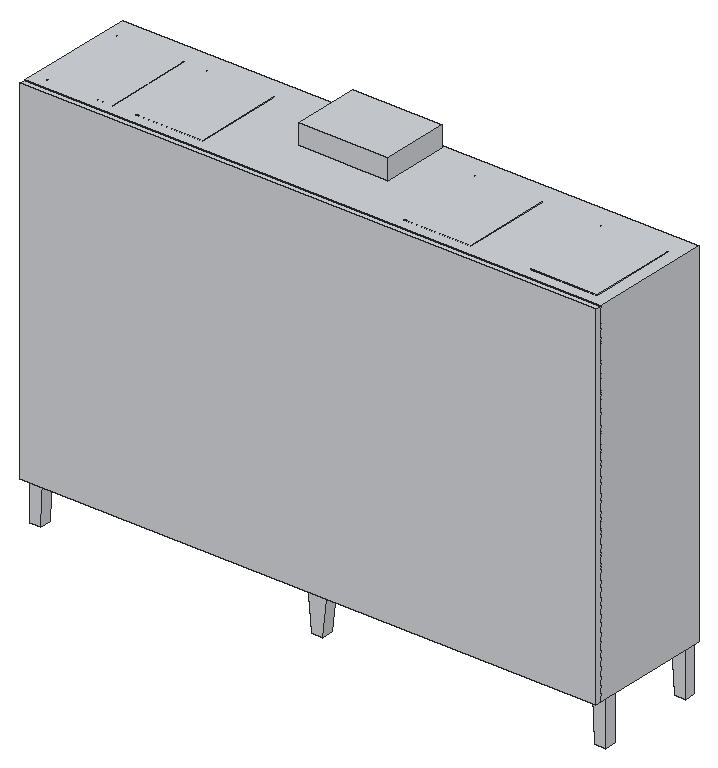
Revit family "AHU 2 _2", category Mechanické zařízení, Revit 2018
Family settings
  Kóta kulaté spojky = Použít průměr
  Typ dílu = Normální
  Číslo OmniClass = 23.75.00.00
  Nadpis OmniClass = Climate Control (HVAC)
  Založené na pracovní rovině = Ne
  Vždy vertikální = Ano
  Ořezat dutým tvarem při načtení = Ne
  Sdílené = Ne
  Bod výpočtu místnosti = Ne
Parameters (values of type "DUPLEXVENT 2500 Multi Eco-V")
  Width [instance] = 0.58 mm
  Weight [instance] = 397.00 kg
  URL = ""
  Type [instance] = "DUPLEXVENT 2500 Multi Eco-V"
  Total_SFP [instance] = 0
  Supply_outlet_hum [instance] = 90
  Supply_inlet_hum [instance] = 90
  Supply_ext_pressure [instance] = 0.0 Pa
  Supply_SFP [instance] = 0
  Source_adu_file [instance] = ""
  Recuperation_type [instance] = "Plate heat recovery exchanger"
  Recuperation_efficiency_EN308 [instance] = 0
  Project_name [instance] = ""
  Project_date [instance] = "10.8.2023"
  Power_supply_fusing [instance] = "0"
  Power_supply_cable [instance] = "0"
  Position [instance] = "AHU 2 "
  Phases_count [instance] = 3
  Panel_thickness [instance] = 0.06 mm
  Outer_surface [instance] = "RAL 9002"
  Length [instance] = 2.6 mm
  Insulation_type [instance] = "PUR"
  Insulation_thickness [instance] = 0.05 mm
  Installation_environment [instance] = ""
  Input_power_max [instance] = 5000 W
  Inner_surface [instance] = "Pozink"
  I2 [instance] = I1  # 0.0 L/s
  Height [instance] = 1.6 mm
  Exhaust_outlet_hum [instance] = 40
  Exhaust_inlet_hum [instance] = 40
  Exhaust_ext_pressure [instance] = 0.0 Pa
  Exhaust_SFP [instance] = 0
  E1 [instance] = E2 - M1  # 0.0 L/s
  E2 [instance] = 0.0 L/s
  I1 [instance] = 0.0 L/s
  Description = ""
  M1 [instance] = 0.0 L/s
  Device_dutypoint_version [instance] = "0"
  Device_design_version [instance] = "9"
  Device_adu_id [instance] = "2"
  Current_max [instance] = 8 A
  Casing_mat [instance] = "painted zinc layer"
  Cable type [instance] = "CYKY 5Jx2,5"
Reference planes
  plane 1 "Střed (vpředu/vzadu)": y = 0
  plane 2 "ref": z = 0
  plane 3 "Střed (vlevo/vpravo)": x = 0
Forms (mm)
  Sweep 1, solid
    path origin (0, 0, 0) x (0, 0, 1) y (1, 0, 0)
      loop
        line (0, 0) -> (1600, 0)
    profile origin (0, 0, 0) x (1, 0, 0) y (0, 1, 0)
      loop
        line (0, 0) -> (2600, 0) -> (2600, 550) -> (0, 550) -> (0, 0)
  Sweep 2, solid
    path origin (610, 250, 1599) x (0, 0, 1) y (1, 0, 0)
      loop
        line (0, 0) -> (1, 0)
    profile origin (610, 250, 1599) x (1, 0, 0) y (0, 1, 0)
      loop
        line (-150, -200) -> (150, -200) -> (150, 200) -> (-150, 200) -> (-150, -200)
  Sweep 3, solid
    path origin (2390, 250, 1599) x (0, 0, 1) y (1, 0, 0)
      loop
        line (0, 0) -> (1, 0)
    profile origin (2390, 250, 1599) x (1, 0, 0) y (0, 1, 0)
      loop
        line (-150, -200) -> (150, -200) -> (150, 200) -> (-150, 200) -> (-150, -200)
  Sweep 4, solid
    path origin (1820, 250, 1599) x (0, 0, 1) y (1, 0, 0)
      loop
        line (0, 0) -> (1, 0)
    profile origin (1820, 250, 1599) x (1, 0, 0) y (0, 1, 0)
      loop
        line (-150, -200) -> (150, -200) -> (150, 200) -> (-150, 200) -> (-150, -200)
  Sweep 5, solid
    path origin (205, 250, 1599) x (0, 0, 1) y (1, 0, 0)
      loop
        line (0, 0) -> (1, 0)
    profile origin (205, 250, 1599) x (1, 0, 0) y (0, 1, 0)
      loop
        line (-150, -200) -> (150, -200) -> (150, 200) -> (-150, 200) -> (-150, -200)
  Sweep 6, solid
    path origin (1150, 262, 0) x (0, -1, 0) y (0, 0, 1)
      loop
        line (0, 0) -> (0, -142)
    profile origin (1150, 262, 0) x (-1, 0, 0) y (0, -1, 0)
      loop
        circle (0, 0) r 8
  Sweep 7, solid
    path origin (1158, 262, -150) x (0, 0, -1) y (1, 0, 0)
      loop
        line (0, 0) -> (0, 14)
    profile origin (1158, 262, -150) x (0, 0, 1) y (0, -1, 0)
      loop
        circle (0, 0) r 8
  Sweep 8, solid
    path origin (1180, 262, -142) x (0, -1, 0) y (0, 0, 1)
      loop
        line (0, 0) -> (0, 59)
    profile origin (1180, 262, -142) x (0, 1, 0) y (-1, 0, 0)
      loop
        circle (0, 0) r 8
  Sweep 9, solid
    path origin (1188, 262, -75) x (0, 0, -1) y (1, 0, 0)
      loop
        line (0, 0) -> (0, 22)
    profile origin (1188, 262, -75) x (0, 0, 1) y (0, -1, 0)
      loop
        circle (0, 0) r 8
  Sweep 10, solid
    path origin (1625, 262, 0) x (0, -1, 0) y (0, 0, 1)
      loop
        line (0, 0) -> (0, -142)
    profile origin (1625, 262, 0) x (-1, 0, 0) y (0, -1, 0)
      loop
        circle (0, 0) r 8
  Sweep 11, solid
    path origin (1633, 262, -150) x (0, 0, -1) y (1, 0, 0)
      loop
        line (0, 0) -> (0, 14)
    profile origin (1633, 262, -150) x (0, 0, 1) y (0, -1, 0)
      loop
        circle (0, 0) r 8
  Sweep 12, solid
    path origin (1655, 262, -142) x (0, -1, 0) y (0, 0, 1)
      loop
        line (0, 0) -> (0, 59)
    profile origin (1655, 262, -142) x (0, 1, 0) y (-1, 0, 0)
      loop
        circle (0, 0) r 8
  Sweep 13, solid
    path origin (1663, 262, -75) x (0, 0, -1) y (1, 0, 0)
      loop
        line (0, 0) -> (0, 22)
    profile origin (1663, 262, -75) x (0, 0, 1) y (0, -1, 0)
      loop
        circle (0, 0) r 8
  Sweep 14, solid
    path origin (0, 0, 0) x (0, 0, 1) y (1, 0, 0)
      loop
        line (0, 0) -> (1600, 0)
    profile origin (0, 0, 0) x (1, 0, 0) y (0, 1, 0)
      loop
        line (0, -30) -> (2600, -30) -> (2600, -5) -> (0, -5) -> (0, -30)
  Sweep 15, solid
    path origin (25, 75, 0) x (1, 0, 0) y (0, 1, 0)
      loop
        line (0, 0) -> (0, -50)
    profile origin (25, 75, 0) x (1, 0, 0) y (0, 0, 1)
      loop
        line (-25, 0) -> (-25, -200) -> (25, -200) -> (35, 0) -> (-25, 0)
  Sweep 16, solid
    path origin (2575, 75, 0) x (1, 0, 0) y (0, 1, 0)
      loop
        line (0, 0) -> (0, -50)
    profile origin (2575, 75, 0) x (1, 0, 0) y (0, 0, 1)
      loop
        line (-35, 0) -> (-25, -200) -> (25, -200) -> (25, 0) -> (-35, 0)
  Sweep 17, solid
    path origin (25, 525, 0) x (1, 0, 0) y (0, 1, 0)
      loop
        line (0, 0) -> (0, -50)
    profile origin (25, 525, 0) x (1, 0, 0) y (0, 0, 1)
      loop
        line (-25, 0) -> (-25, -200) -> (25, -200) -> (35, 0) -> (-25, 0)
  Sweep 18, solid
    path origin (2575, 525, 0) x (1, 0, 0) y (0, 1, 0)
      loop
        line (0, 0) -> (0, -50)
    profile origin (2575, 525, 0) x (1, 0, 0) y (0, 0, 1)
      loop
        line (-35, 0) -> (-25, -200) -> (25, -200) -> (25, 0) -> (-35, 0)
  Sweep 19, solid
    path origin (1300, 75, 0) x (1, 0, 0) y (0, 1, 0)
      loop
        line (0, 0) -> (0, -50)
    profile origin (1300, 75, 0) x (1, 0, 0) y (0, 0, 1)
      loop
        line (-45, 0) -> (-25, -200) -> (25, -200) -> (45, 0) -> (-45, 0)
  Sweep 20, solid
    path origin (1300, 525, 0) x (1, 0, 0) y (0, 1, 0)
      loop
        line (0, 0) -> (0, -50)
    profile origin (1300, 525, 0) x (1, 0, 0) y (0, 0, 1)
      loop
        line (-45, 0) -> (-25, -200) -> (25, -200) -> (45, 0) -> (-45, 0)
  Sweep 21, solid
    path origin (0, 0, 1600) x (0, 0, 1) y (1, 0, 0)
      loop
        line (0, 0) -> (90, 0)
    profile origin (0, 0, 1600) x (1, 0, 0) y (0, 1, 0)
      loop
        line (1045, 235) -> (1450, 235) -> (1450, 540) -> (1045, 540) -> (1045, 235)
  Sweep 22, solid
    path origin (1045, 388, 1645) x (0, 0, -1) y (1, 0, 0)
      loop
        line (0, 0) -> (0, -1)
    profile origin (1045, 388, 1645) x (0, 0, -1) y (0, -1, 0)
      loop
        circle (0, 0) r 10
Lines and regions (mm)
  model lines, style "Symbol"
    curve 1: line (1300, -30, 1600) -> (1300, -30, 960)
    curve 2: line (650, -30, 1600) -> (650, -30, 480)
    curve 3: line (650, -30, 480) -> (820, -30, 480)
    curve 4: line (1950, -30, 1600) -> (1950, -30, 480)
    curve 5: line (1950, -30, 480) -> (1780, -30, 480)
    curve 6: line (820, -30, 480) -> (1060, -30, 960)
    curve 7: line (1060, -30, 960) -> (1540, -30, 960)
    curve 8: line (1540, -30, 960) -> (1780, -30, 480)
    curve 9: line (1780, -30, 480) -> (1540, -30, 0)
    curve 10: line (1540, -30, 0) -> (1300, -30, 0)
    curve 11: line (1300, -30, 0) -> (1060, -30, 0)
    curve 12: line (1060, -30, 0) -> (820, -30, 480)
    curve 13: line (2133, -30, 1140) -> (2187, -30, 1460)
    curve 14: line (2417, -30, 1140) -> (2363, -30, 1460)
    curve 15: line (183, -30, 1140) -> (237, -30, 1460)
    curve 16: line (467, -30, 1140) -> (413, -30, 1460)
    curve 17: line (715, -30, 1280) -> (1235, -30, 1280)
    curve 18: line (1235, -30, 1280) -> (1235, -30, 1120)
    curve 19: line (1235, -30, 1120) -> (715, -30, 1120)
    curve 20: line (715, -30, 1120) -> (715, -30, 1280)
    curve 21: line (715, -30, 1200) -> (975, -30, 1120)
    curve 22: line (1235, -30, 1200) -> (975, -30, 1120)
    curve 23: line (1365, -30, 1280) -> (1885, -30, 1280)
    curve 24: line (1885, -30, 1280) -> (1885, -30, 1120)
    curve 25: line (1885, -30, 1120) -> (1365, -30, 1120)
    curve 26: line (1365, -30, 1120) -> (1365, -30, 1280)
    curve 27: line (1365, -30, 1200) -> (1625, -30, 1120)
    curve 28: line (1885, -30, 1200) -> (1625, -30, 1120)
    curve 29: line (701, -30, 552) -> (919, -30, 979)
    curve 30: line (919, -30, 979) -> (1035, -30, 920)
    curve 31: line (1035, -30, 920) -> (817, -30, 493)
    curve 32: line (817, -30, 493) -> (701, -30, 552)
    curve 33: line (842, -30, 799) -> (982, -30, 844)
    curve 34: line (754, -30, 628) -> (894, -30, 673)
    curve 35: line (0, 550, -200) -> (0, 550, 0)
    curve 36: line (2600, 550, -200) -> (2600, 550, 0)
    curve 37: line (0, 550, -200) -> (2600, 550, -200)
    curve 38: line (0, 0, -200) -> (0, 0, 0)
    curve 39: line (2600, 0, -200) -> (2600, 0, 0)
    curve 40: line (0, 0, -200) -> (2600, 0, -200)
    curve 41: line (0, 550, -200) -> (0, 0, -200)
    curve 42: line (2600, 550, -200) -> (2600, 0, -200)
    curve 43: line (0, 200, -200) -> (200, 0, -200)
    curve 44: line (0, 400, -200) -> (400, 0, -200)
    curve 45: line (50, 550, -200) -> (600, 0, -200)
    curve 46: line (250, 550, -200) -> (800, 0, -200)
    curve 47: line (450, 550, -200) -> (1000, 0, -200)
    curve 48: line (650, 550, -200) -> (1200, 0, -200)
    curve 49: line (850, 550, -200) -> (1400, 0, -200)
    curve 50: line (1050, 550, -200) -> (1600, 0, -200)
    curve 51: line (1250, 550, -200) -> (1800, 0, -200)
    curve 52: line (1450, 550, -200) -> (2000, 0, -200)
    curve 53: line (1650, 550, -200) -> (2200, 0, -200)
    curve 54: line (1850, 550, -200) -> (2400, 0, -200)
    curve 55: line (2050, 550, -200) -> (2600, 0, -200)
    curve 56: line (2250, 550, -200) -> (2600, 200, -200)
    curve 57: line (2450, 550, -200) -> (2600, 400, -200)
    curve 58: line (2600, 200, -200) -> (2600, 0, 0)
    curve 59: line (2600, 400, -200) -> (2600, 200, 0)
    curve 60: line (2600, 550, -150) -> (2600, 400, 0)
    curve 61: line (0, 0, 0) -> (200, 0, -200)
    curve 62: line (200, 0, 0) -> (400, 0, -200)
    curve 63: line (400, 0, 0) -> (600, 0, -200)
    curve 64: line (600, 0, 0) -> (800, 0, -200)
    curve 65: line (800, 0, 0) -> (1000, 0, -200)
    curve 66: line (1000, 0, 0) -> (1200, 0, -200)
    curve 67: line (1200, 0, 0) -> (1400, 0, -200)
    curve 68: line (1400, 0, 0) -> (1600, 0, -200)
    curve 69: line (1600, 0, 0) -> (1800, 0, -200)
    curve 70: line (1800, 0, 0) -> (2000, 0, -200)
    curve 71: line (2000, 0, 0) -> (2200, 0, -200)
    curve 72: line (2200, 0, 0) -> (2400, 0, -200)
    curve 73: line (2400, 0, 0) -> (2600, 0, -200)
    curve 74: line (0, 0, 2180) -> (0, 0, 1600)
    curve 75: line (2600, 0, 2180) -> (2600, 0, 1600)
    curve 76: line (0, 0, 2180) -> (2600, 0, 2180)
    curve 77: line (0, 550, 2180) -> (0, 550, 1600)
    curve 78: line (2600, 550, 2180) -> (2600, 550, 1600)
    curve 79: line (0, 550, 2180) -> (2600, 550, 2180)
    curve 80: line (0, 0, 2180) -> (0, 550, 2180)
    curve 81: line (2600, 0, 2180) -> (2600, 550, 2180)
    curve 82: line (0, 350, 2180) -> (200, 550, 2180)
    curve 83: line (0, 150, 2180) -> (400, 550, 2180)
    curve 84: line (50, 0, 2180) -> (600, 550, 2180)
    curve 85: line (250, 0, 2180) -> (800, 550, 2180)
    curve 86: line (450, 0, 2180) -> (1000, 550, 2180)
    curve 87: line (650, 0, 2180) -> (1200, 550, 2180)
    curve 88: line (850, 0, 2180) -> (1400, 550, 2180)
    curve 89: line (1050, 0, 2180) -> (1600, 550, 2180)
    curve 90: line (1250, 0, 2180) -> (1800, 550, 2180)
    curve 91: line (1450, 0, 2180) -> (2000, 550, 2180)
    curve 92: line (1650, 0, 2180) -> (2200, 550, 2180)
    curve 93: line (1850, 0, 2180) -> (2400, 550, 2180)
    curve 94: line (2050, 0, 2180) -> (2600, 550, 2180)
    curve 95: line (2250, 0, 2180) -> (2600, 350, 2180)
    curve 96: line (2450, 0, 2180) -> (2600, 150, 2180)
    curve 97: line (2600, 350, 2180) -> (2600, 550, 1980)
    curve 98: line (2600, 150, 2180) -> (2600, 550, 1780)
    curve 99: line (2600, 0, 2130) -> (2600, 530, 1600)
    curve 100: line (2600, 0, 1930) -> (2600, 330, 1600)
    curve 101: line (2600, 0, 1730) -> (2600, 130, 1600)
    curve 102: line (0, 550, 1980) -> (200, 550, 2180)
    curve 103: line (0, 550, 1780) -> (400, 550, 2180)
    curve 104: line (20, 550, 1600) -> (600, 550, 2180)
    curve 105: line (220, 550, 1600) -> (800, 550, 2180)
    curve 106: line (420, 550, 1600) -> (1000, 550, 2180)
    curve 107: line (620, 550, 1600) -> (1200, 550, 2180)
    curve 108: line (820, 550, 1600) -> (1400, 550, 2180)
    curve 109: line (1020, 550, 1600) -> (1600, 550, 2180)
    curve 110: line (1220, 550, 1600) -> (1800, 550, 2180)
    curve 111: line (1420, 550, 1600) -> (2000, 550, 2180)
    curve 112: line (1620, 550, 1600) -> (2200, 550, 2180)
    curve 113: line (1820, 550, 1600) -> (2400, 550, 2180)
    curve 114: line (2020, 550, 1600) -> (2600, 550, 2180)
    curve 115: line (2220, 550, 1600) -> (2600, 550, 1980)
    curve 116: line (2420, 550, 1600) -> (2600, 550, 1780)
    curve 117: line (0, -30, 0) -> (0, -30, 1600)
    curve 118: line (0, -30, 1600) -> (1120, -30, 1600)
    curve 119: line (1120, -30, 1600) -> (1120, -30, 0)
    curve 120: line (1120, -30, 0) -> (0, -30, 0)
    curve 121: line (1480, -30, 0) -> (1480, -30, 1600)
    curve 122: line (1480, -30, 1600) -> (2600, -30, 1600)
    curve 123: line (2600, -30, 1600) -> (2600, -30, 0)
    curve 124: line (2600, -30, 0) -> (1480, -30, 0)
    curve 125: line (0, -30, 0) -> (2600, -30, 0)
    curve 126: line (0, -30, 1600) -> (2600, -30, 1600)
    curve 127: line (0, -30, 0) -> (0, -30, 1600)
    curve 128: line (2600, -30, 0) -> (2600, -30, 1600)
    curve 129: line (0, -30, 0) -> (0, -5, 0)
    curve 130: line (2600, -30, 0) -> (2600, -5, 0)
    curve 131: line (0, -30, 1600) -> (0, -5, 1600)
    curve 132: line (2600, -30, 1600) -> (2600, -5, 1600)
    curve 133: circle (2275, -30, 1280) r 200 normal (0, -1, 0)
    curve 134: circle (325, -30, 1280) r 200 normal (0, -1, 0)
    curve 135: circle (912, -30, 822) r 20 normal (0, -1, 0)
    curve 136: circle (824, -30, 650) r 20 normal (0, -1, 0)
    curve 137: circle (1150, 262, 0) r 8 normal (0, 0, -1)
    curve 138: circle (1150, 262, -142) r 8 normal (0, 0, -1)
    curve 139: circle (1625, 262, 0) r 8 normal (0, 0, -1)
    curve 140: circle (1625, 262, -142) r 8 normal (0, 0, -1)
Dimensions and locks
  aligned and locked: level to plane 2 "ref"
Connectors
  hvac at (610, 250, 1600), driven by "E1"
    settings: on Sweep 2, index 1, duct flow 0.0 L/s, flow factor 0, pres drop 0.0 Pa, loss coef 0, conn angle 0.00°, conn width 400 mm, conn height 300 mm, conn diameter 609.6 mm, duct sys type 1, conn prof type 1, flow config 1, flow direction 1, loss method 0, conn ref index -1, conn util no, is conn primary yes, conn desc ""
  hvac at (2390, 250, 1600), driven by "E2"
    settings: on Sweep 3, index 2, duct flow 0.0 L/s, flow factor 1, pres drop 0.0 Pa, loss coef 0, conn angle 0.00°, conn width 400 mm, conn height 300 mm, conn diameter 609.6 mm, duct sys type 1, conn prof type 1, flow config 2, flow direction 2, loss method 0, conn ref index -1, conn util no, is conn primary no, conn desc ""
  hvac at (1820, 250, 1600), driven by "I1"
    settings: on Sweep 4, index 3, duct flow 0.0 L/s, flow factor 1, pres drop 0.0 Pa, loss coef 0, conn angle 0.00°, conn width 400 mm, conn height 300 mm, conn diameter 609.6 mm, duct sys type 3, conn prof type 1, flow config 2, flow direction 1, loss method 0, conn ref index -1, conn util no, is conn primary no, conn desc ""
  hvac at (205, 250, 1600), driven by "I2"
    settings: on Sweep 5, index 4, duct flow 0.0 L/s, flow factor 0, pres drop 0.0 Pa, loss coef 0, conn angle 0.00°, conn width 400 mm, conn height 300 mm, conn diameter 609.6 mm, duct sys type 3, conn prof type 1, flow config 1, flow direction 2, loss method 0, conn ref index -1, conn util no, is conn primary no, conn desc ""
  piping at (1210, 262, -75), diameter 40
    settings: on Sweep 9, index 5, connector inside diameter 609.6 mm, connector length 0 mm, flow factor 0, pipe flow 0.0 L/s, pressure drop 0.0 Pa, fitting loss kfactor 0, connector angle 0.00°, fixture units 0, engagement length 0 mm, angle of deflection 0.00°, flow configuration 1, flow direction 2, fitting loss method 0, system type 16, joint type 0, gender type 0, connector reference index -1, connector utility 0, adjustable connector no, is connector primary yes, connector description ""
  piping at (1685, 262, -75), diameter 40
    settings: on Sweep 13, index 6, connector inside diameter 609.6 mm, connector length 0 mm, flow factor 0, pipe flow 0.0 L/s, pressure drop 0.0 Pa, fitting loss kfactor 0, connector angle 0.00°, fixture units 0, engagement length 0 mm, angle of deflection 0.00°, flow configuration 1, flow direction 2, fitting loss method 0, system type 16, joint type 0, gender type 0, connector reference index -1, connector utility 0, adjustable connector no, is connector primary no, connector description ""
  electrical at (1044, 388, 1645)
    settings: on Sweep 22, index 7, voltage 400 V, apparent load 0 VA, apparent load phase1 0 VA, apparent load phase2 0 VA, apparent load phase3 0 VA, power factor 1, load classification "Další", number of poles 3, system type 31, power factor state 1, is connector primary yes, connector utility no, sub classification motor no, connector description ""
